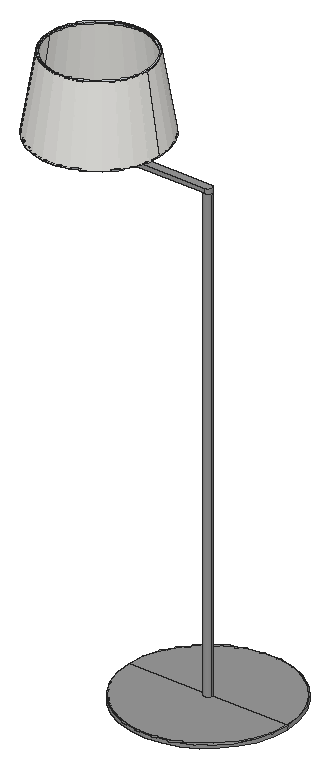
Revit family "Indoor_Floor Lamp_Santa&Cole_Americana", category Luminarias, Revit 2018
Family settings
  Cota de conector redondo = Diámetro de uso
  Tipo de pieza = Normal
  Número OmniClass = 23.80.70.00
  Título OmniClass = Lighting
  Se basa en plano de trabajo = No
  Siempre vertical = Sí
  Corte con vacíos al cargar = No
  Origen de luz = Sí
  Compartido = No
  Punto de cálculo de habitación = No
Parameters
  Wattage = 11 W
  Technical Information = "https://www.santacole.com/recursos/productos/downloads/pdf_espec_tecnicas/americana_pie_technical_information.pdf"
  built-in parameter 1150110 = 1 (stored number, unit not read)
  URL = "https://www.santacole.com/en/catalogue/floor-lamps/americana"
  Manufacturer website = "http://www.santacole.com"
  built-in parameter 1114217 = 1 (stored number, unit not read)
  built-in parameter 1150109 = 1 (stored number, unit not read)
  Energy Label = "https://www.santacole.com/recursos/productos/downloads/pdf_energy_label/Energy%20Label_AMERICANA_without_bulb.pdf"
  Designed by = "Miguel Milá. 1964"
  Contact phone = "+34.938.619.100"
  Contact e-mail = "info@santacole.com"
  built-in parameter 1150134 = (empty or 0)
  built-in parameter 1150113 = 1 (stored number, unit not read)
  Modelo = "Americana"
  Fabricante = "Santa & Cole"
  Lumens = 1633.96 lm
  built-in parameter 1150115 = 1 (stored number, unit not read)
  built-in parameter 1150105 = 130.03 (stored number, unit not read)
  Load = 8 W
  Tamaño de símbolo de origen de luz = 50 mm
  built-in parameter 1150137 = (empty or 0)
  built-in parameter 1150139 = (empty or 0)
  built-in parameter 1150112 = 1 (stored number, unit not read)
  built-in parameter 1150114 = 1 (stored number, unit not read)
  Lamp = ""
  built-in parameter 1150132 = (empty or 0)
  built-in parameter 1150102 = (empty or 0)
  built-in parameter 1150138 = (empty or 0)
  built-in parameter 1150107 = 2700 (stored number, unit not read)
  built-in parameter 1150106 = 1.3003 (stored number, unit not read)
  built-in parameter 1150104 = 13.8 (stored number, unit not read)
  Code = "SAM32+SAMP8"
  Dimming Lamp Color Temperature Shift = (empty or 0)
  Color Filter = 16777215
  built-in parameter 1114218 = 1 (stored number, unit not read)
  Assembly instructions - UL = "https://www.santacole.com/recursos/productos/downloads/pdf_montaje/AMERICANA_pie_im_UL.pdf"
  Assembly instructions - CE = "https://www.santacole.com/recursos/productos/downloads/pdf_montaje/AMERICANA_pie_im.pdf"
  built-in parameter 1150133 = 10 (stored number, unit not read)
  Apparent Load = 8 VA
Reference planes
  plane 1 "Light Source Axis (F/B)": y = 0
  plane 2: z = 0
  plane 3 "Light Source Axis (L/R)": x = 0
  plane 4 "Light Source Elevation": z = 1040
Forms (mm)
  Revolve 1, solid, material "Santa & Cole - Nickel"
    sketch origin (0, 0, 0) x (1, 0, 0) y (0, 0, 1)
      loop
        line (-8, 16) -> (-161.3, 16)
        arc (-161.3, 16) -> (-162.149, 15.649) -> (-162.5, 14.8) r 1.2
        line (-162.5, 14.8) -> (-162.5, 8) -> (0, 8) -> (0, 938) -> (-8, 938) -> (-8, 16)
      axis (0, 938) -> (0, 8)
    angle from 0 to 360
  Revolve 2, solid
    sketch origin (0, 0, 0) x (1, 0, 0) y (0, 0, 1)
      loop
        line (121.5, 8) -> (121.5, 0) -> (130, 0) -> (130, 8) -> (121.5, 8)
      axis (130, 8) -> (130, 0)
    angle from 0 to 360
  Revolve 3, solid
    sketch origin (0, 0, 0) x (-0.5, 0.866025, 0) y (0, 0, 1)
      loop
        line (121.5, 8) -> (121.5, 0) -> (130, 0) -> (130, 8) -> (121.5, 8)
      axis (130, 8) -> (130, 0)
    angle from 0 to 360
  Revolve 4, solid
    sketch origin (0, 0, 0) x (-0.5, -0.866025, 0) y (0, 0, 1)
      loop
        line (121.5, 8) -> (121.5, 0) -> (130, 0) -> (130, 8) -> (121.5, 8)
      axis (130, 8) -> (130, 0)
    angle from 0 to 360
  Extrusion 5, solid, material "Santa & Cole - Nickel"
    sketch origin (0, 0, 0) x (1, 0, 0) y (0, 1, 0)
      loop
        line (0, 8) -> (-224, 8)
        arc (-224, 8) -> (-232, 0) -> (-224, -8) r 8
        line (-224, -8) -> (0, -8)
        arc (0, -8) -> (8, 0) -> (0, 8) r 8
    from 938 to 946
  Revolve 6, solid, material "Santa & Cole - Nickel"
    sketch origin (0, 0, 0) x (1, 0, 0) y (0, 0, 1)
      loop
        line (-231.5, 968.5) -> (-231.5, 946) -> (-224, 946) -> (-224, 968.5) -> (-231.5, 968.5)
      axis (-224, 968.5) -> (-224, 946)
    angle from 0 to 360
  Revolve 7, solid
    sketch origin (0, 0, 0) x (1, 0, 0) y (0, 0, 1)
      loop
        line (-243.15, 999.7) -> (-243.15, 984.2) -> (-241.35, 983)
        arc (-241.35, 983) -> (-239.602, 974.904) -> (-234.35, 968.5) r 17.632
        line (-234.35, 968.5) -> (-224, 968.5) -> (-224, 1026.5) -> (-243, 1026.5) -> (-243, 1003.2) -> (-246.151, 1003.2)
        arc (-246.151, 1003.2) -> (-246.89, 1003.005) -> (-247.437, 1002.472) r 1.5
        line (-247.437, 1002.472) -> (-248.5, 1000.7) -> (-254, 1000.7) -> (-254, 999.7) -> (-243.15, 999.7)
      axis (-224, 1026.5) -> (-224, 968.5)
    angle from 0 to 360
  Sweep 8, solid
    path origin (0, 193.99, 0) x (1, 0, 0) y (0, 0, 1)
      loop
        line (-199.5, 1000.7) -> (-187.5, 1000.7)
        arc (-187.5, 1000.7) -> (-186.841, 1000.637) -> (-186.206, 1000.452) r 3.5
        line (-186.206, 1000.452) -> (-101.055, 966.556)
    profile origin (-193.5, 193.99, 1000.7) x (0, 0, 1) y (0, -1, 0)
      loop
        circle (1.5, 193.99) r 1.5
  Sweep 9, solid
    path origin (-504, 96.995, 0) x (-0.5, 0.866025, 0) y (0, 0, 1)
      loop
        line (-199.5, 1000.7) -> (-187.5, 1000.7)
        arc (-187.5, 1000.7) -> (-186.841, 1000.637) -> (-186.206, 1000.452) r 3.5
        line (-186.206, 1000.452) -> (-101.055, 966.556)
    profile origin (-407.25, -70.581, 1000.7) x (0, 0, 1) y (0.866025, 0.5, 0)
      loop
        circle (1.5, 193.99) r 1.5
  Sweep 10, solid
    path origin (-168, -290.985, 0) x (-0.5, -0.866025, 0) y (0, 0, 1)
      loop
        line (-199.5, 1000.7) -> (-187.5, 1000.7)
        arc (-187.5, 1000.7) -> (-186.841, 1000.637) -> (-186.206, 1000.452) r 3.5
        line (-186.206, 1000.452) -> (-101.055, 966.556)
    profile origin (-71.25, -123.409, 1000.7) x (0, 0, 1) y (-0.866025, 0.5, 0)
      loop
        circle (1.5, 193.99) r 1.5
  Revolve 11, solid
    sketch origin (0, 0, 0) x (1, 0, 0) y (0, 0, 1)
      loop
        circle (-100.5, 967.95) r 1.5
      loop
        circle (-125.5, 1114.95) r 1.5
      axis (-224, 967.95) -> (-224, 1114.95)
    angle from 0 to 360
  Revolve 12, solid, material "Santa & Cole - White Linen"
    sketch origin (0, 0, 0) x (1, 0, 0) y (0, 0, 1)
      loop
        line (-124.255, 1116.45) -> (-98.745, 966.45) -> (-97.945, 966.45) -> (-123.455, 1116.45) -> (-124.255, 1116.45)
      axis (-224, 1116.45) -> (-224, 966.45)
    angle from 0 to 360
Lines and regions (mm)
  model lines, style "Predeterminado", not visible
    curve 1: line (0, -3.75, 375) -> (0, 3.75, 375)
    curve 2: line (0, 3.75, 375) -> (0, -3.75, 375)
    curve 3: line (0, 15, 86.75) -> (0, -15, 86.75)
    curve 4: line (0, -10, 65) -> (0, -15, 82.176)
    curve 5: line (0, -10, 25) -> (0, -10, 65)
    curve 6: line (0, 6.344, 17.27) -> (0, 10, 25)
    curve 7: line (0, -1.951, 15.192) -> (0, 6.344, 17.27)
    curve 8: line (0, -10, 25) -> (0, -1.951, 15.192)
    curve 9: line (0, 10, 25) -> (0, 10, 65)
    curve 10: line (0, 15, 82.176) -> (0, 10, 65)
    curve 11: line (0, 15, 86.75) -> (0, -15, 86.75)
Dimensions and locks
  aligned and locked: plane 1 "Light Source Axis (F/B)" to imposter light
  aligned and locked: plane 4 "Light Source Elevation" to imposter light
  aligned and locked: level to plane 2
